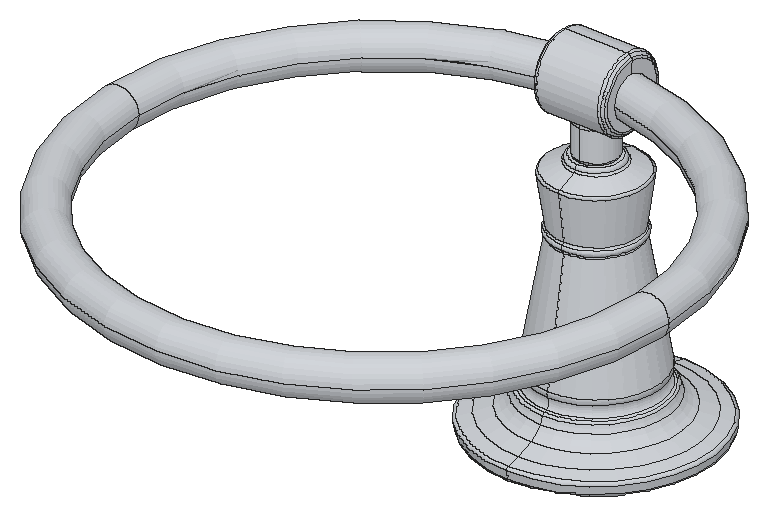
Revit family "Accessory-Towel_Ring-KOHLER-Archer-K-11057", category Specialty Equipment, host Face, Revit 2015
Parameters (values of type "CP-Polished Chrome")
  Width = 4 1/4"  # constant formula
  URL = "https://www.us.kohler.com/us/"
  Type = 1
  Product Page URL = "http://www.us.kohler.com/us/catalog/productDetails.jsp?productNumber=11057"
  Product Name = "Archer"  # constant formula
  Product Documentation Link = "http://www.us.kohler.com/onlinecatalog/pdf/K-11057_spec.pdf"
  Model = if(Type = 1, "K-11057-CP", if(Type = 2, "K-11057-BN", "NA"))  # "K-11057-CP"
  Material = "Premum Metal Construction"  # constant formula
  MasterFormat 2004 = "10.28.13"  # constant formula
  MasterFormat 1995 = "10820"  # constant formula
  Manufacturer Address = "444 Highland Dr, Kohler, WI 53044"  # constant formula
  Manufacturer = "KOHLER Co."  # constant formula
  Length = 7"  # constant formula
  Height = 8 1/8"  # constant formula
  Finish = Kohler-Metal-CP-Polished_Chrome
  Environmental Product Declaration = ""
  Description = "Towel ring"  # constant formula
  Default Elevation = 42"
  Declare Label = ""
  Date Modified = "11/16/2018"  # constant formula
  Date Created = "11/16/2018"  # constant formula
  Copyright = "Copyright KOHLER Co."  # constant formula
  Contact Us = "https://www.us.kohler.com/us/static/contact.jsp"
  Assembly Code = "C1030200"
  ADA Compliant = 1 = 0  # no
Types (3): name | Type | Model | Finish
  (no name) | 1 | "K-11057-CP" | Kohler-Metal-CP-Polished_Chrome
  CP-Polished Chrome | 1 | "K-11057-CP" | Kohler-Metal-CP-Polished_Chrome
  BN-Vibrant Brushed Nickel | 2 | "K-11057-BN" | Kohler-Metal-BN-Vibrant_Brushed_Nickel
Reference planes (in)
  plane 1 "Center (Front/Back)": y = 0
  plane 2: z = 0
  plane 3 "Center (Left/Right)": x = 0
  plane 4: y = 1.375
  plane 5: y = -1.375
  plane 6: x = -1.375
  plane 7: x = 1.375
  plane 8: y = -6.75
  plane 9: x = -3.5
  plane 10: x = 3.5
  plane 11: z = 4.25
Dimensions and locks (in)
  "Length": plane 9 to plane 10
  "Height": plane 8 to plane 4
  plane 5 to plane 4 = 2 3/4"
  "Width": level to plane 11
  aligned and locked: plane 2 to host face
  aligned and locked: level to host face
Automatic sketch dimensions
  host sketch curve to host sketch curve = 96"  (x2)
Nested families (in)
  nested 1: "K-11057" at (0, 0, 0), type "K-11057"
Definition of nested family "K-11057"
  Parameters (values of type "K-11057")
    Material = none
  Reference planes (in)
    plane 1 "Center (Front/Back)": y = 0
    plane 2: z = 0
    plane 3 "Center (Left/Right)": x = 0
    plane 4: x = -3.5
    plane 5: x = 3.5
    plane 6: z = 4.25
    plane 7: y = 1.375
    plane 8: y = -6.75
    plane 9: y = -1.375
    plane 10: x = -1.375
    plane 11: x = 1.375
  Forms (in)
    Revolve 1, solid, material <- "Material", detail levels medium+fine
      sketch origin (0, 0, 0) x (0, 1, 0) y (0, 0, 1)
        loop
          line (0, 3.67323) -> (-0.28173, 3.67323)
          arc (-0.28173, 3.67323) -> (-0.25404, 3.53289) -> (-0.24475, 3.39015) r 1.10209
          line (-0.24475, 3.39015) -> (-0.24475, 3.02985)
          arc (-0.24475, 3.02985) -> (-0.23899, 3.01593) -> (-0.22506, 3.01016) r 0.01969
          line (-0.22506, 3.01016) -> (-0.28251, 3.01016)
          arc (-0.28251, 3.01016) -> (-0.30477, 2.99401) -> (-0.31305, 2.96779) r 0.0439
          arc (-0.31305, 2.96779) -> (-0.31788, 2.95091) -> (-0.33119, 2.93945) r 0.03061
          arc (-0.33119, 2.93945) -> (-0.44293, 2.89083) -> (-0.55553, 2.84426) r 6.69256
          arc (-0.55553, 2.84426) -> (-0.5703, 2.83143) -> (-0.57404, 2.81223) r 0.03002
          line (-0.57404, 2.81223) -> (-0.49503, 2.25034)
          arc (-0.49503, 2.25034) -> (-0.49733, 2.23286) -> (-0.5083, 2.21906) r 0.03298
          arc (-0.5083, 2.21906) -> (-0.52394, 2.18854) -> (-0.50855, 2.15789) r 0.03792
          arc (-0.50855, 2.15789) -> (-0.49851, 2.14489) -> (-0.49683, 2.12855) r 0.02999
          line (-0.49683, 2.12855) -> (-0.74553, 0.71744)
          arc (-0.74553, 0.71744) -> (-0.74589, 0.68266) -> (-0.73501, 0.64963) r 0.10638
          arc (-0.73501, 0.64963) -> (-0.72237, 0.58134) -> (-0.75042, 0.51782) r 0.11772
          arc (-0.75042, 0.51782) -> (-0.76439, 0.50722) -> (-0.78143, 0.50314) r 0.04269
          arc (-0.78143, 0.50314) -> (-0.80034, 0.49626) -> (-0.8114, 0.47946) r 0.03197
          arc (-0.8114, 0.47946) -> (-0.82574, 0.43818) -> (-0.84591, 0.39942) r 0.30098
          arc (-0.84591, 0.39942) -> (-0.9092, 0.32388) -> (-0.99144, 0.26957) r 0.34118
          arc (-0.99144, 0.26957) -> (-1.08925, 0.22947) -> (-1.19055, 0.19925) r 1.0665
          arc (-1.19055, 0.19925) -> (-1.26734, 0.17958) -> (-1.34371, 0.15831) r 3.79814
          arc (-1.34371, 0.15831) -> (-1.36557, 0.1437) -> (-1.375, 0.11916) r 0.04347
          line (-1.375, 0.11916) -> (-1.35185, 0.0189)
          arc (-1.35185, 0.0189) -> (-1.34327, 0.0053) -> (-1.32809, 0) r 0.02438
          line (-1.32809, 0) -> (0, 0) -> (0, 3.67323)
        axis (0, 3.67323) -> (0, 0)
      angle from 0 to 360
    Revolve 2, solid, material <- "Material", detail levels medium+fine
      sketch origin (0, 0, -0.03125) x (1, 0, 0) y (0, 0, 1)
        loop
          line (0.37621, 4.28125) -> (-0.3756, 4.28125)
          arc (-0.3756, 4.28125) -> (-0.39308, 4.27754) -> (-0.40754, 4.26703) r 0.04297
          line (-0.40754, 4.26703) -> (-0.43201, 4.23985)
          arc (-0.43201, 4.23985) -> (-0.44049, 4.22601) -> (-0.44345, 4.21004) r 0.04456
          line (-0.44345, 4.21004) -> (-0.44345, 3.83467) -> (0.44345, 3.83467) -> (0.44345, 4.21059)
          arc (0.44345, 4.21059) -> (0.44059, 4.22604) -> (0.43238, 4.23944) r 0.04311
          line (0.43238, 4.23944) -> (0.40713, 4.26748)
          arc (0.40713, 4.26748) -> (0.39313, 4.27765) -> (0.37621, 4.28125) r 0.04161
        axis (0.44345, 3.83467) -> (-0.44345, 3.83467)
      angle from 0 to 360
    Sweep 3, solid, material <- "Material", detail levels medium+fine
      path origin (0, 0, 0) x (1, 0, 0) y (0, 1, 0)
        loop
          circle (0, -3.25259) r 3.25259
      profile origin (0, 0, 0) x (0, -1, 0) y (0, 0, 1)
        loop
          circle (0, 3.79755) r 0.24406
    Revolve 4, solid, material <- "Material", detail levels coarse
      sketch origin (0, 0, 0) x (1, 0, 0) y (0, 0, 1)
        loop
          line (0, 4.1875) -> (-0.66045, 4.1875) -> (-0.66045, 0.25) -> (-1.375, 0.25) -> (-1.375, 0) -> (0, 0) -> (0, 4.1875)
        axis (0, 4.1875) -> (0, 0)
      angle from 0 to 360
    Sweep 5, solid, material <- "Material", detail levels coarse
      path origin (0, 0, 0) x (1, 0, 0) y (0, 1, 0)
        loop
          circle (0, -3.25437) r 3.49563
      profile origin (-3.49563, -3.25437, 0) x (1, 0, 0) y (0, 0, 1)
        loop
          spline (0.37962, 3.4195) -> (0.479, 3.43259) -> (0.57161, 3.47095) -> (0.65113, 3.53197) -> (0.71216, 3.6115) -> (0.75052, 3.70412) -> (0.7636, 3.8035) -> (0.75052, 3.90289) -> (0.71216, 3.9955) -> (0.65113, 4.07503) -> (0.57161, 4.13605) -> (0.479, 4.17442) -> (0.37962, 4.1875)
          spline (0.37962, 4.1875) -> (0.28023, 4.17442) -> (0.18762, 4.13605) -> (0.1081, 4.07503) -> (0.04708, 3.9955) -> (0.00872, 3.90289) -> (-0.00437, 3.8035) -> (0.00872, 3.70412) -> (0.04708, 3.6115) -> (0.1081, 3.53197) -> (0.18762, 3.47095) -> (0.28023, 3.43259) -> (0.37962, 3.4195)
  Cuts and joins
    joined: Revolve 1, Revolve 2, Sweep 3
  Lines and regions (in)
    Masking region 1
      outline origin (0, 0, 0) x (0, 1, 0) y (0, 0, 1)
        loop
          arc (1.32809, 0) -> (1.34327, 0.0053) -> (1.35185, 0.0189) r 0.02438
          line (1.35185, 0.0189) -> (1.375, 0.11916)
          arc (1.375, 0.11916) -> (1.36557, 0.1437) -> (1.34371, 0.15831) r 0.04347
          arc (1.34371, 0.15831) -> (1.26734, 0.17958) -> (1.19055, 0.19925) r 3.79814
          arc (1.19055, 0.19925) -> (1.08925, 0.22947) -> (0.99144, 0.26957) r 1.0665
          arc (0.99144, 0.26957) -> (0.9092, 0.32388) -> (0.84591, 0.39942) r 0.34118
          arc (0.84591, 0.39942) -> (0.82574, 0.43818) -> (0.8114, 0.47946) r 0.30098
          arc (0.8114, 0.47946) -> (0.80034, 0.49626) -> (0.78143, 0.50314) r 0.03197
          arc (0.78143, 0.50314) -> (0.76439, 0.50722) -> (0.75042, 0.51782) r 0.04269
          arc (0.75042, 0.51782) -> (0.72237, 0.58134) -> (0.73501, 0.64963) r 0.11772
          arc (0.73501, 0.64963) -> (0.74589, 0.68266) -> (0.74553, 0.71744) r 0.10638
          line (0.74553, 0.71744) -> (0.49683, 2.12855)
          arc (0.49683, 2.12855) -> (0.49851, 2.14489) -> (0.50855, 2.15789) r 0.02999
          arc (0.50855, 2.15789) -> (0.52394, 2.18854) -> (0.5083, 2.21906) r 0.03792
          arc (0.5083, 2.21906) -> (0.49733, 2.23286) -> (0.49503, 2.25034) r 0.03298
          line (0.49503, 2.25034) -> (0.57404, 2.81223)
          arc (0.57404, 2.81223) -> (0.5703, 2.83143) -> (0.55553, 2.84426) r 0.03002
          arc (0.55553, 2.84426) -> (0.44293, 2.89083) -> (0.33119, 2.93945) r 6.69256
          arc (0.33119, 2.93945) -> (0.31788, 2.95091) -> (0.31305, 2.96779) r 0.03061
          arc (0.31305, 2.96779) -> (0.30477, 2.99401) -> (0.28251, 3.01016) r 0.0439
          line (0.28251, 3.01016) -> (0.22506, 3.01016)
          arc (0.22506, 3.01016) -> (0.23899, 3.01593) -> (0.24475, 3.02985) r 0.01969
          line (0.24475, 3.02985) -> (0.24475, 3.39944)
          arc (0.24475, 3.39944) -> (0.24488, 3.41493) -> (0.24526, 3.43042) r 0.94251
          arc (0.24526, 3.43042) -> (0.42801, 3.93159) -> (0, 4.25) r 0.44638
          arc (0, 4.25) -> (-0.2155, 4.19436) -> (-0.37739, 4.04162) r 0.4466
          line (-0.37739, 4.04162) -> (-6.50511, 4.04162)
          arc (-6.50511, 4.04162) -> (-6.6774, 3.97076) -> (-6.75, 3.7992) r 0.2449
          arc (-6.75, 3.7992) -> (-6.67803, 3.62546) -> (-6.50429, 3.55349) r 0.24571
          line (-6.50429, 3.55349) -> (-0.36976, 3.55349)
          arc (-0.36976, 3.55349) -> (-0.3136, 3.4858) -> (-0.24526, 3.43042) r 0.4466
          arc (-0.24526, 3.43042) -> (-0.24488, 3.41505) -> (-0.24475, 3.39967) r 0.9387
          line (-0.24475, 3.39967) -> (-0.24475, 3.02985)
          arc (-0.24475, 3.02985) -> (-0.23899, 3.01593) -> (-0.22506, 3.01016) r 0.01969
          line (-0.22506, 3.01016) -> (-0.28251, 3.01016)
          arc (-0.28251, 3.01016) -> (-0.30477, 2.99401) -> (-0.31305, 2.96779) r 0.0439
          arc (-0.31305, 2.96779) -> (-0.31788, 2.95091) -> (-0.33119, 2.93945) r 0.03061
          arc (-0.33119, 2.93945) -> (-0.44293, 2.89083) -> (-0.55553, 2.84426) r 6.69256
          arc (-0.55553, 2.84426) -> (-0.5703, 2.83143) -> (-0.57404, 2.81223) r 0.03002
          line (-0.57404, 2.81223) -> (-0.49503, 2.25034)
          arc (-0.49503, 2.25034) -> (-0.49733, 2.23286) -> (-0.5083, 2.21906) r 0.03298
          arc (-0.5083, 2.21906) -> (-0.52394, 2.18854) -> (-0.50855, 2.15789) r 0.03792
          arc (-0.50855, 2.15789) -> (-0.49851, 2.14489) -> (-0.49683, 2.12855) r 0.02999
          line (-0.49683, 2.12855) -> (-0.74553, 0.71744)
          arc (-0.74553, 0.71744) -> (-0.74589, 0.68266) -> (-0.73501, 0.64963) r 0.10638
          arc (-0.73501, 0.64963) -> (-0.72237, 0.58134) -> (-0.75042, 0.51782) r 0.11772
          arc (-0.75042, 0.51782) -> (-0.76439, 0.50722) -> (-0.78143, 0.50314) r 0.04269
          arc (-0.78143, 0.50314) -> (-0.80034, 0.49626) -> (-0.8114, 0.47946) r 0.03197
          arc (-0.8114, 0.47946) -> (-0.82574, 0.43818) -> (-0.84591, 0.39942) r 0.30098
          arc (-0.84591, 0.39942) -> (-0.9092, 0.32388) -> (-0.99144, 0.26957) r 0.34118
          arc (-0.99144, 0.26957) -> (-1.08925, 0.22947) -> (-1.19055, 0.19925) r 1.0665
          arc (-1.19055, 0.19925) -> (-1.26734, 0.17958) -> (-1.34371, 0.15831) r 3.79814
          arc (-1.34371, 0.15831) -> (-1.36557, 0.1437) -> (-1.375, 0.11916) r 0.04347
          line (-1.375, 0.11916) -> (-1.35185, 0.0189)
          arc (-1.35185, 0.0189) -> (-1.34327, 0.0053) -> (-1.32809, 0) r 0.02438
          line (-1.32809, 0) -> (0, 0) -> (1.32809, 0)
    Masking region 2
      outline origin (0, 0, 0) x (1, 0, 0) y (0, 0, 1)
        loop
          arc (0.23031, 3.01016) -> (0.24423, 3.01593) -> (0.25, 3.02985) r 0.01969
          line (0.25, 3.02985) -> (0.25, 3.41933) -> (0.37621, 3.41933)
          arc (0.37621, 3.41933) -> (0.39313, 3.42293) -> (0.40713, 3.4331) r 0.04161
          line (0.40713, 3.4331) -> (0.43238, 3.46114)
          arc (0.43238, 3.46114) -> (0.44059, 3.47454) -> (0.44345, 3.48999) r 0.04311
          line (0.44345, 3.48999) -> (0.44345, 3.5535) -> (3.30876, 3.5535)
          arc (3.30876, 3.5535) -> (3.44638, 3.64057) -> (3.5, 3.79434) r 0.24727
          arc (3.5, 3.79434) -> (3.42758, 3.96919) -> (3.25273, 4.04161) r 0.24727
          line (3.25273, 4.04161) -> (0.44315, 4.04161) -> (0.44315, 4.17934)
          arc (0.44315, 4.17934) -> (0.44029, 4.19479) -> (0.43208, 4.20819) r 0.04311
          line (0.43208, 4.20819) -> (0.40683, 4.23623)
          arc (0.40683, 4.23623) -> (0.39283, 4.2464) -> (0.37591, 4.25) r 0.04161
          line (0.37591, 4.25) -> (-0.37591, 4.25)
          arc (-0.37591, 4.25) -> (-0.39338, 4.24629) -> (-0.40784, 4.23578) r 0.04297
          line (-0.40784, 4.23578) -> (-0.43231, 4.2086)
          arc (-0.43231, 4.2086) -> (-0.4408, 4.19476) -> (-0.44375, 4.17879) r 0.04456
          line (-0.44375, 4.17879) -> (-0.44375, 4.04161) -> (-3.25273, 4.04161)
          arc (-3.25273, 4.04161) -> (-3.42758, 3.96919) -> (-3.5, 3.79434) r 0.24727
          arc (-3.5, 3.79434) -> (-3.40649, 3.60069) -> (-3.19669, 3.5535) r 0.24727
          line (-3.19669, 3.5535) -> (-0.44345, 3.5535) -> (-0.44345, 3.49054)
          arc (-0.44345, 3.49054) -> (-0.44049, 3.47458) -> (-0.43201, 3.46073) r 0.04456
          line (-0.43201, 3.46073) -> (-0.40754, 3.43355)
          arc (-0.40754, 3.43355) -> (-0.39308, 3.42305) -> (-0.3756, 3.41933) r 0.04297
          line (-0.3756, 3.41933) -> (-0.24475, 3.41933) -> (-0.24475, 3.02985)
          arc (-0.24475, 3.02985) -> (-0.23899, 3.01593) -> (-0.22506, 3.01016) r 0.01969
          line (-0.22506, 3.01016) -> (-0.28251, 3.01016)
          arc (-0.28251, 3.01016) -> (-0.30477, 2.99401) -> (-0.31305, 2.96779) r 0.0439
          arc (-0.31305, 2.96779) -> (-0.31788, 2.95091) -> (-0.33119, 2.93945) r 0.03061
          arc (-0.33119, 2.93945) -> (-0.44293, 2.89083) -> (-0.55553, 2.84426) r 6.69256
          arc (-0.55553, 2.84426) -> (-0.5703, 2.83143) -> (-0.57404, 2.81223) r 0.03002
          line (-0.57404, 2.81223) -> (-0.49503, 2.25034)
          arc (-0.49503, 2.25034) -> (-0.49733, 2.23286) -> (-0.5083, 2.21906) r 0.03298
          arc (-0.5083, 2.21906) -> (-0.52394, 2.18854) -> (-0.50855, 2.15789) r 0.03792
          arc (-0.50855, 2.15789) -> (-0.49851, 2.14489) -> (-0.49683, 2.12855) r 0.02999
          line (-0.49683, 2.12855) -> (-0.74553, 0.71744)
          arc (-0.74553, 0.71744) -> (-0.74589, 0.68266) -> (-0.73501, 0.64963) r 0.10638
          arc (-0.73501, 0.64963) -> (-0.72237, 0.58134) -> (-0.75042, 0.51782) r 0.11772
          arc (-0.75042, 0.51782) -> (-0.76439, 0.50722) -> (-0.78143, 0.50314) r 0.04269
          arc (-0.78143, 0.50314) -> (-0.80034, 0.49626) -> (-0.8114, 0.47946) r 0.03197
          arc (-0.8114, 0.47946) -> (-0.82574, 0.43818) -> (-0.84591, 0.39942) r 0.30098
          arc (-0.84591, 0.39942) -> (-0.9092, 0.32388) -> (-0.99144, 0.26957) r 0.34118
          arc (-0.99144, 0.26957) -> (-1.08925, 0.22947) -> (-1.19055, 0.19925) r 1.0665
          arc (-1.19055, 0.19925) -> (-1.26734, 0.17958) -> (-1.34371, 0.15831) r 3.79814
          arc (-1.34371, 0.15831) -> (-1.36557, 0.1437) -> (-1.375, 0.11916) r 0.04347
          line (-1.375, 0.11916) -> (-1.35185, 0.0189)
          arc (-1.35185, 0.0189) -> (-1.34327, 0.0053) -> (-1.32809, 0) r 0.02438
          line (-1.32809, 0) -> (0, 0) -> (1.32809, 0)
          arc (1.32809, 0) -> (1.34327, 0.0053) -> (1.35185, 0.0189) r 0.02438
          line (1.35185, 0.0189) -> (1.375, 0.11916)
          arc (1.375, 0.11916) -> (1.36557, 0.1437) -> (1.34371, 0.15831) r 0.04347
          arc (1.34371, 0.15831) -> (1.26734, 0.17958) -> (1.19055, 0.19925) r 3.79814
          arc (1.19055, 0.19925) -> (1.08925, 0.22947) -> (0.99144, 0.26957) r 1.0665
          arc (0.99144, 0.26957) -> (0.9092, 0.32388) -> (0.84591, 0.39942) r 0.34118
          arc (0.84591, 0.39942) -> (0.82574, 0.43818) -> (0.8114, 0.47946) r 0.30098
          arc (0.8114, 0.47946) -> (0.80034, 0.49626) -> (0.78143, 0.50314) r 0.03197
          arc (0.78143, 0.50314) -> (0.76439, 0.50722) -> (0.75042, 0.51782) r 0.04269
          arc (0.75042, 0.51782) -> (0.72237, 0.58134) -> (0.73501, 0.64963) r 0.11772
          arc (0.73501, 0.64963) -> (0.74589, 0.68266) -> (0.74553, 0.71744) r 0.10638
          line (0.74553, 0.71744) -> (0.49683, 2.12855)
          arc (0.49683, 2.12855) -> (0.49851, 2.14489) -> (0.50855, 2.15789) r 0.02999
          arc (0.50855, 2.15789) -> (0.52394, 2.18854) -> (0.5083, 2.21906) r 0.03792
          arc (0.5083, 2.21906) -> (0.49733, 2.23286) -> (0.49503, 2.25034) r 0.03298
          line (0.49503, 2.25034) -> (0.57404, 2.81223)
          arc (0.57404, 2.81223) -> (0.5703, 2.83143) -> (0.55553, 2.84426) r 0.03002
          arc (0.55553, 2.84426) -> (0.44293, 2.89083) -> (0.33119, 2.93945) r 6.69256
          arc (0.33119, 2.93945) -> (0.31788, 2.95091) -> (0.31305, 2.96779) r 0.03061
          arc (0.31305, 2.96779) -> (0.30477, 2.99401) -> (0.28251, 3.01016) r 0.0439
          line (0.28251, 3.01016) -> (0.22506, 3.01016)
    Masking region 3
      outline origin (0, 0, 0) x (1, 0, 0) y (0, 1, 0)
        loop
          arc (-1.375, 0) -> (-1.37487, -0.01892) -> (-1.37448, -0.03783) r 1.375
          arc (-1.37448, -0.03783) -> (-2.91803, -1.32906) -> (-3.5, -3.25549) r 3.51413
          arc (-3.5, -3.25549) -> (-2.47199, -5.72587) -> (0, -6.75) r 3.50325
          arc (0, -6.75) -> (2.47199, -5.72587) -> (3.5, -3.25549) r 3.50325
          arc (3.5, -3.25549) -> (2.91803, -1.32906) -> (1.37448, -0.03783) r 3.51413
          arc (1.37448, -0.03783) -> (1.37487, -0.01892) -> (1.375, 0) r 1.375
          arc (1.375, 0) -> (0.97227, 0.97227) -> (0, 1.375) r 1.375
          arc (0, 1.375) -> (-0.97227, 0.97227) -> (-1.375, 0) r 1.375
        loop
          arc (0, -1.375) -> (-0.764, -1.14321) -> (-1.27042, -0.52599) r 1.375
          arc (-1.27042, -0.52599) -> (-2.5699, -1.68877) -> (-3.0066, -3.37696) r 3.01006
          arc (-3.0066, -3.37696) -> (-2.08382, -5.42406) -> (0, -6.26064) r 3.0061
          arc (0, -6.26064) -> (2.08382, -5.42406) -> (3.0066, -3.37696) r 3.0061
          arc (3.0066, -3.37696) -> (2.5699, -1.68877) -> (1.27042, -0.52599) r 3.01006
          arc (1.27042, -0.52599) -> (0.764, -1.14321) -> (0, -1.375) r 1.375
    symbolic lines, detail levels medium+fine
      curve 1: arc (0, 0.21591, 3.79755) -> (0, 0.15135, 3.96226) -> (0, -0.00734, 4.04043) r 0.24476
      curve 2: arc (0, -0.00734, 3.55468) -> (0, 0.15135, 3.63285) -> (0, 0.21591, 3.79755) r 0.24476
      curve 3: arc (0, -0.27709, 3.79755) -> (0, -0.19579, 3.61661) -> (0, -0.00734, 3.55468) r 0.24573
      curve 4: arc (0, -0.00734, 4.04043) -> (0, -0.19579, 3.9785) -> (0, -0.27709, 3.79755) r 0.24573
      curve 5: line (0, -0.37739, 4.04162) -> (0, -0.03506, 4.04158)
      curve 6: line (0, -0.37739, 3.55349) -> (0, -0.03136, 3.5535)
      curve 7: line (0, 0.22506, 3.01016) -> (0, -0.22506, 3.01016)
      curve 8: line (0, 0.31305, 2.96779) -> (0, -0.31305, 2.96779)
      curve 9: line (0, 0.33119, 2.93945) -> (0, -0.33119, 2.93945)
      curve 10: line (0, 0.57404, 2.81223) -> (0, -0.57404, 2.81223)
      curve 11: line (0, 0.5083, 2.21906) -> (0, -0.5083, 2.21906)
      curve 12: line (0, 0.50855, 2.15789) -> (0, -0.50855, 2.15789)
      curve 13: line (0, 0.8114, 0.47946) -> (0, -0.8114, 0.47946)
      curve 14: line (0, 0.78143, 0.50314) -> (0, -0.78143, 0.50314)
      curve 15: line (0, 0.73501, 0.64963) -> (0, -0.73501, 0.64963)
      curve 16: line (-0.44375, 0, 4.04161) -> (-0.44345, 0, 3.5535)
      curve 17: line (0.44315, 0, 4.04161) -> (0.44345, 0, 3.5535)
      curve 18: line (-0.22506, 0, 3.01016) -> (0.22506, 0, 3.01016)
      curve 19: line (-0.31305, 0, 2.96779) -> (0.31305, 0, 2.96779)
      curve 20: line (-0.31788, 0, 2.95091) -> (0.31788, 0, 2.95091)
      curve 21: line (-0.57404, 0, 2.81223) -> (0.57404, 0, 2.81223)
      curve 22: line (-0.5083, 0, 2.21906) -> (0.5083, 0, 2.21906)
      curve 23: line (-0.50855, 0, 2.15789) -> (0.50855, 0, 2.15789)
      curve 24: line (-0.73501, 0, 0.64963) -> (0.73501, 0, 0.64963)
      curve 25: line (-0.78143, 0, 0.50314) -> (0.78143, 0, 0.50314)
      curve 26: line (-0.8114, 0, 0.47946) -> (0.8114, 0, 0.47946)
      curve 27: line (-1.375, 0, 0.11916) -> (1.375, 0, 0.11916)
      curve 28: line (-0.36061, 0.38408, 0) -> (0.36304, 0.38408, 0)
      curve 29: line (-0.3602, -0.38408, 0) -> (0.35959, -0.38408, 0)
      curve 30: line (-0.44345, -0.30083, 0) -> (-0.44345, 0.30124, 0)
      curve 31: line (0.44345, -0.30022, 0) -> (0.44345, 0.30367, 0)
      curve 32: arc (-0.44345, 0.30124, 0) -> (-0.41919, 0.35982, 0) -> (-0.36061, 0.38408, 0) r 0.08285
      curve 33: arc (-0.3602, -0.38408, 0) -> (-0.41907, -0.3597, 0) -> (-0.44345, -0.30083, 0) r 0.08325
      curve 34: arc (0.35959, -0.38408, 0) -> (0.41889, -0.35952, 0) -> (0.44345, -0.30022, 0) r 0.08386
      curve 35: arc (0.36304, 0.38408, 0) -> (0.4199, 0.36053, 0) -> (0.44345, 0.30367, 0) r 0.08041
      curve 36: arc (-1.27042, -0.52599, 0) -> (-0.86592, -0.37168, 0) -> (-0.44345, -0.27709, 0) r 3.00512
      curve 37: arc (-1.37448, -0.03783, 0) -> (-0.91807, 0.12243, 0) -> (-0.44345, 0.21591, 0) r 3.3804
      curve 38: arc (1.27042, -0.52599, 0) -> (0.86592, -0.37168, 0) -> (0.44345, -0.27709, 0) r 3.00512
      curve 39: arc (1.37448, -0.03783, 0) -> (0.91807, 0.12243, 0) -> (0.44345, 0.21591, 0) r 3.3804
      curve 40: arc (0, -0.28251, 0) -> (0.28251, 0, 0) -> (0, 0.28251, 0) r 0.28251
      curve 41: arc (0, 0.28251, 0) -> (-0.28251, 0, 0) -> (0, -0.28251, 0) r 0.28251
      curve 42: arc (0, -0.22506, 0) -> (0.22506, 0, 0) -> (0, 0.22506, 0) r 0.22506
      curve 43: arc (0, 0.22506, 0) -> (-0.22506, 0, 0) -> (0, -0.22506, 0) r 0.22506
      curve 44: arc (-0.67756, -0.32159, 0) -> (0, -0.75, 0) -> (0.67756, -0.32159, 0) r 0.75
      curve 45: arc (-0.64884, -0.31509, 0) -> (0, -0.7213, 0) -> (0.64884, -0.31509, 0) r 0.7213
      curve 46: arc (-0.50732, -0.28733, 0) -> (0, -0.58304, 0) -> (0.50732, -0.28733, 0) r 0.58304
      curve 47: arc (0.54712, 0.20148, 0) -> (0, 0.58304, 0) -> (-0.54712, 0.20148, 0) r 0.58304
      curve 48: arc (0.69996, 0.17417, 0) -> (0, 0.7213, 0) -> (-0.69996, 0.17417, 0) r 0.7213
      curve 49: arc (0.731, 0.16773, 0) -> (0, 0.75, 0) -> (-0.731, 0.16773, 0) r 0.75
      curve 50: arc (0, 0.24526, 3.43042) -> (0, 0, 3.35742) -> (0, -0.24526, 3.43042) r 0.44848
      curve 51: line (-0.24475, 0, 3.41933) -> (0.25, 0, 3.41933)
      curve 52: line (0, 1.375, 0.11916) -> (0, -1.375, 0.11916)
  Dimensions and locks (in)
    plane 4 to plane 5 = 7"
    plane 6 to level = 4 1/4"
    plane 7 to plane 8 = 8 1/8"
    plane 7 to plane 9 = 2 3/4"
    aligned and locked: plane 2 to level
